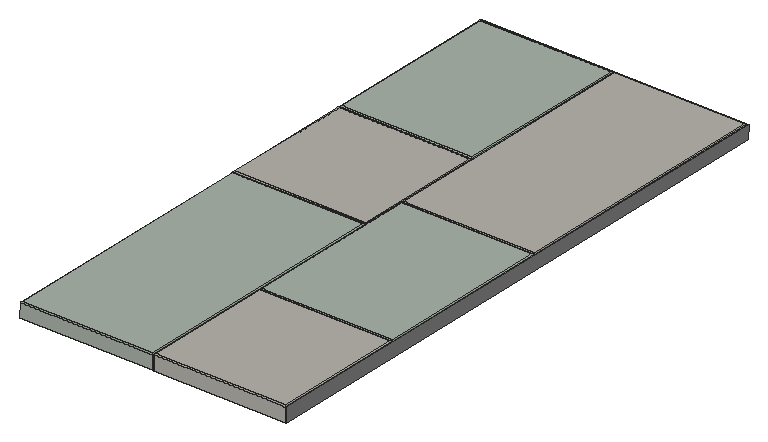
Revit family "e7bb6daf-e0df-49cb-9f0d-7a002a8aef10", category Site, Revit 2016
Family settings
  Part Type = Normal
  Round Connector Dimension = Use Diameter
  Work Plane-Based = No
  Always vertical = Yes
  Cut with Voids When Loaded = No
  Shared = No
Parameters (values of type "1800 Color Option 2")
  URL = "stepstoneinc.com"
  Surface Finish = "Integral"  # constant formula
  Subcategory = "CalArc Pavers"  # constant formula
  Paver B Pattern = Concrete - Stepstone - Almond1806
  Paver A Pattern = Concrete - Stepstone - Iceberg1805
  Revit Object Download Link = "http://library.smartbim.com/download/Paver-Assembly-Calarc_Pavers-Stepstone-Small-Ashlar_Pattern-1"
  Product Page URL = "http://www.stepstoneinc.com/pavers-calarc-sizes.php"
  Model = "Small Ashlar Pattern"  # constant formula
  Manufacturer Toll Free Phone = "800.572.9029"  # constant formula
  Manufacturer Phone = "310.327.7474"  # constant formula
  Manufacturer Fax = "310.217.1424"  # constant formula
  Manufacturer Email = "mailto:sales@stepstoneinc.com"
  Manufacturer Address = "13253 S Figueroa St, Los Angeles 90061"  # constant formula
  Manufacturer = "Stepstone, Inc"  # constant formula
  Description = "Small Ashlar Pattern Guide"  # constant formula
  95 CSI = ""
  04 CSI = ""
Types (5): name | Paver B Pattern | Paver A Pattern
  (no name) | Concrete - Stepstone - Granada1801 | Concrete - Stepstone - Almond1806
  1800 Color Option 1 | Concrete - Stepstone - Granada1801 | Concrete - Stepstone - Almond1806
  1800 Color Option 2 | Concrete - Stepstone - Almond1806 | Concrete - Stepstone - Iceberg1805
  1400 Color Option 1 | Concrete - Stepstone - Almond1406 | Concrete - Stepstone - Cafe1407
  1400 Color Option 2 | Concrete - Stepstone - Almond1406 | Concrete - Stepstone - Brick1416
Reference planes (in)
  plane 1 "Center (Front/Back)": y = 0
  plane 2: z = 0
  plane 3 "Center (Left/Right)": x = 0
  plane 4: y = -38.125
  plane 5: y = 40.0625
  plane 6: x = 18.0625
  plane 7: x = -18.0625
Forms (in)
  Extrusion 1, solid, material "Grout - Dark Gray"
    sketch origin (0, 0, 0) x (1, 0, 0) y (0, 0, 1)
      loop
        line (0.0459, 1.87815) -> (-0.1084, 1.87815) -> (-0.0625, 0) -> (0, 0) -> (0.0459, 1.87815)
      loop
        line (18.1084, 1.87815) -> (17.9541, 1.87815) -> (18, 0) -> (18.0625, 0) -> (18.1084, 1.87815)
    from -40 to 38.125
  Extrusion 2, solid, material "Grout - Dark Gray"
    sketch origin (0, 0, 0) x (0, 1, 0) y (0, 0, 1)
      loop
        line (-2.0166, 1.87815) -> (-2.1709, 1.87815) -> (-2.125, 0) -> (-2.0625, 0) -> (-2.0166, 1.87815)
      loop
        line (16.0459, 1.87815) -> (15.8916, 1.87815) -> (15.9375, 0) -> (16, 0) -> (16.0459, 1.87815)
    from -18.0625 to -0.0625
  Extrusion 3, solid, material "Grout - Dark Gray"
    sketch origin (0, 0, 0) x (0, 1, 0) y (0, 0, 1)
      loop
        line (3.9375, 0) -> (4, 0) -> (4.0459, 1.87815) -> (3.8916, 1.87815) -> (3.9375, 0)
      loop
        line (-20.125, 0) -> (-20.0625, 0) -> (-20.0166, 1.87815) -> (-20.1709, 1.87815) -> (-20.125, 0)
    from 0 to 18
  Extrusion 4, solid, material "Grout - Dark Gray"
    sketch origin (0, 0, 0) x (0, 1, 0) y (0, 0, 1)
      loop
        line (40.0625, 0) -> (40.1084, 1.87815) -> (39.9541, 1.87815) -> (40, 0) -> (40.0625, 0)
    from -18.0625 to 18
  Blend 5, solid, material "Grout - Dark Gray"
    base sketch origin (0, 0, 0) x (1, 0, 0) y (0, 1, 0)
      loop
        line (18, 40) -> (18.0625, 40) -> (18.0625, 40.0625) -> (18, 40.0625) -> (18, 40)
    top sketch origin (0, 0, 0) x (1, 0, 0) y (0, 1, 0)
      loop
        line (18, 40) -> (18.1084, 40) -> (18.1084, 40.1084) -> (18, 40.1084) -> (18, 40)
    from 0 to 1.87815
Cuts and joins
  joined: Extrusion 1, Extrusion 2, Extrusion 3, Extrusion 4, Blend 5
Dimensions and locks (in)
  aligned and locked: plane 2 to level
  aligned and locked: Extrusion 2 to nested 5
  aligned and locked: Extrusion 3 to plane 3 "Center (Left/Right)"
  aligned and locked: Extrusion 4 to nested 5
  aligned and locked: nested 2 to Extrusion 4
  aligned and locked: Blend 5 to level
  aligned and locked: Blend 5 to cut or joined group of Extrusion 1, Extrusion 2, Extrusion 3, Extrusion 4, Blend 5
Nested families (in)
  nested 1: "Paver-Large_Scale-Stepstone-CalArc-18X36X2" at (9, 22, 0) x (0, 1, 0) z (0, 0, 1), Unit <- "Paver B Pattern", type "Standard"
    with Unit Concrete - Stepstone - Almond1806
  nested 2: "Paver-Large_Scale-Stepstone-CalArc-18X24X2" at (9, -8.0625, 0) x (0, 1, 0) z (0, 0, 1), Unit <- "Paver A Pattern", type "Standard"
    with Unit Concrete - Stepstone - Iceberg1805
  nested 3: "Paver-Large_Scale-Stepstone-CalArc-18X18X2" at (9, -29.125, 0), Unit <- "Paver B Pattern", type "Standard"
    with Unit Concrete - Stepstone - Almond1806
  nested 4: "Paver-Large_Scale-Stepstone-CalArc-18X36X2" at (-9.0625, -20.125, 0) x (0, 1, 0) z (0, 0, 1), Unit <- "Paver A Pattern", type "Standard"
    with Unit Concrete - Stepstone - Iceberg1805
  nested 5: "Paver-Large_Scale-Stepstone-CalArc-18X18X2" at (-9.0625, 6.9375, 0), Unit <- "Paver B Pattern", type "Standard"
    with Unit Concrete - Stepstone - Almond1806
  nested 6: "Paver-Large_Scale-Stepstone-CalArc-18X24X2" at (-9.0625, 28, 0) x (0, 1, 0) z (0, 0, 1), Unit <- "Paver A Pattern", type "Standard"
    with Unit Concrete - Stepstone - Iceberg1805
Definition of nested family "Paver-Large_Scale-Stepstone-CalArc-18X36X2"
  Parameters
    ecoScorecard data = ""
    ecoScorecard Product Page = ""
    Weight = 0.10 kip  # constant formula
    Warranty = "5 Year Limited"  # constant formula
    Unit [instance] = none
    URL = "stepstoneinc.com"
    Thickness = 2"  # constant formula
    Texture = "Sandblast"  # constant formula
    Technical Information = "http://www.stepstoneinc.com/docs/Stepstone_Product_Data_Sheet-Large_Scale_Narrow_Modular_Paver.pdf"
    Surface Finish = "Painted"  # constant formula
    Subcategory = "CalArc"  # constant formula
    Revit Object Download Link = "http://library.smartbim.com/download/Paver-Large_Scale-Stepstone-CalArc-18X36X2"
    Product Page URL = "http://www.stepstoneinc.com/calarc-pavers.php"
    Product Name = "Large Scale CalArc Paver"  # constant formula
    Product Line = "Pavers"  # constant formula
    Nominal Width = 36"  # constant formula
    Nominal Length = 18"  # constant formula
    Model = "18In x 36In x 2In"  # constant formula
    Material = "Precast Concrete"  # constant formula
    Manufacturer Toll Free Phone = "800.572.9029"  # constant formula
    Manufacturer Phone = "310.327.7474"  # constant formula
    Manufacturer Fax = "310.217.1424"  # constant formula
    Manufacturer Email = "mailto:sales@stepstoneinc.com"
    Manufacturer Address = "13253 S Figueroa St, Los Angeles 90061"  # constant formula
    Manufacturer = "Stepstone, Inc"  # constant formula
    Maintenance URL = ""
    Installation URL = ""
    Description = "Precast Concrete Paver"  # constant formula
    Cost Info = ""
    Color Availability = "Standard & Custom"  # constant formula
    95 CSI = ""
    04 CSI = ""
  Reference planes (in)
    plane 1 "Center Front/Back": y = 0
    plane 2: z = 0
    plane 3 "Center Left/Right": x = 0
    plane 4: x = -18
    plane 5: x = 18
    plane 6: y = 9
    plane 7: y = -9
    plane 8: z = 2
  Dimensions and locks (in)
    equal spacing: plane 4, plane 3 "Center Left/Right", plane 5
    "Nominal Width": plane 4 to plane 5
    equal spacing: plane 7, plane 1 "Center Front/Back", plane 6
    "Nominal Length": plane 6 to plane 7
    plane 5 to plane 4 = 36"
    plane 6 to plane 7 = 18"
    plane 8 to level = 2"
    aligned and locked: level to plane 2
    aligned and locked: plane 3 "Center Left/Right" to nested 1
    aligned and locked: plane 1 "Center Front/Back" to nested 1
  Nested families (in)
    nested 1: "18X36X2" at (0, 0, 0), type "18X36X2"
  Definition of nested family "18X36X2"
    Parameters
      Width = 36"
      Unit = none
      Thickness = 2"
      Depth = 18"
    Reference planes (in)
      plane 1 "Center (Front/Back)": y = 0
      plane 2: z = 0
      plane 3 "Center (Left/Right)": x = 0
      plane 4: x = -18
      plane 5: x = 18
      plane 6: y = 9
      plane 7: y = -9
      plane 8: z = 2
    Forms (in)
      Sweep 1, solid, material <- "Unit"
        path origin (0, 0, 0) x (1, 0, 0) y (0, 1, 0)
          loop
            line (-18, 9) -> (-18, -9) -> (18, -9) -> (18, 9) -> (-18, 9)
        profile origin (0, 9, 0) x (0, 1, 0) y (0, 0, 1)
          loop
            line (0, 0) -> (-0.0459, 1.87815)
            arc (-0.0459, 1.87815) -> (-0.08353, 1.96449) -> (-0.17076, 2) r 0.1249
            line (-0.17076, 2) -> (-0.27723, 2) -> (-0.27723, 0) -> (0, 0)
      Extrusion 2, solid, material <- "Unit"
        sketch origin (0, 0, 0) x (1, 0, 0) y (0, 1, 0)
          loop
            line (-17.72277, 8.72277) -> (-17.72277, -8.72277) -> (17.72277, -8.72277) -> (17.72277, 8.72277) -> (-17.72277, 8.72277)
        from 0 to 2
    Cuts and joins
      joined: Sweep 1, Extrusion 2
    Dimensions and locks (in)
      equal spacing: plane 6, plane 1 "Center (Front/Back)", plane 7
      equal spacing: plane 4, plane 3 "Center (Left/Right)", plane 5
      "Width": plane 5 to plane 4
      "Depth": plane 6 to plane 7
      "Thickness": plane 8 to level
      aligned and locked: plane 2 to level
      aligned and locked: Sweep 1 sketch curve to plane 8
    Automatic sketch dimensions
      plane 4 to Sweep 1 sketch curve = 0"
      Sweep 1 sketch curve to plane 5 = 0"
      plane 7 to Sweep 1 sketch curve = 0"
      Sweep 1 sketch curve to plane 6 = 0"
      plane 4 to Extrusion 2 sketch curve = 0.27723"
      Extrusion 2 sketch curve to plane 5 = 0.27723"
      plane 7 to Extrusion 2 sketch curve = 0.27723"
      Extrusion 2 sketch curve to plane 6 = 0.27723"
      Sweep 1 sketch curve to level = 0"
      Sweep 1 sketch curve to profile plane = 0"
      profile plane to Sweep 1 sketch curve = 0.0459"
      Sweep 1 sketch curve to Sweep 1 sketch curve = 0.12486"
      Sweep 1 sketch curve to Sweep 1 sketch curve = 0.10647"
      Sweep 1 sketch curve to Sweep 1 sketch curve = 0.00305"
Definition of nested family "Paver-Large_Scale-Stepstone-CalArc-18X24X2"
  Parameters
    ecoScorecard data = ""
    ecoScorecard Product Page = ""
    Weight = 0.066 kip  # constant formula
    Warranty = "5 Year Limited"  # constant formula
    Unit [instance] = none
    URL = "stepstoneinc.com"
    Thickness = 2"  # constant formula
    Texture = "Sandblast"  # constant formula
    Technical Information = "http://www.stepstoneinc.com/docs/Stepstone_Product_Data_Sheet-Large_Scale_Narrow_Modular_Paver.pdf"
    Surface Finish = "Painted"  # constant formula
    Subcategory = "CalArc"  # constant formula
    Revit Object Download Link = "http://library.smartbim.com/download/Paver-Large_Scale-Stepstone-CalArc-18X24X2"
    Product Page URL = "http://www.stepstoneinc.com/calarc-pavers.php"
    Product Name = "Large Scale CalArc Paver"  # constant formula
    Product Line = "Pavers"  # constant formula
    Nominal Width = 24"  # constant formula
    Nominal Length = 18"  # constant formula
    Model = "18In x 24In x 2In"  # constant formula
    Material = "Precast Concrete"  # constant formula
    Manufacturer Toll Free Phone = "800.572.9029"  # constant formula
    Manufacturer Phone = "310.327.7474"  # constant formula
    Manufacturer Fax = "310.217.1424"  # constant formula
    Manufacturer Email = "mailto:sales@stepstoneinc.com"
    Manufacturer Address = "13252 S Figueroa St, Los Angeles 90061"  # constant formula
    Manufacturer = "Stepstone, Inc"  # constant formula
    Maintenance URL = ""
    Installation URL = ""
    Description = "Precast Concrete Paver"  # constant formula
    Cost Info = ""
    Color Availability = "Standard & Custom"  # constant formula
    95 CSI = ""
    04 CSI = ""
  Reference planes (in)
    plane 1 "Center Front/Back": y = 0
    plane 2: z = 0
    plane 3 "Center Left/Right": x = 0
    plane 4: x = -12
    plane 5: x = 12
    plane 6: y = 9
    plane 7: y = -9
    plane 8: z = 2
  Dimensions and locks (in)
    equal spacing: plane 4, plane 3 "Center Left/Right", plane 5
    "Nominal Width": plane 4 to plane 5
    equal spacing: plane 7, plane 1 "Center Front/Back", plane 6
    "Nominal Length": plane 6 to plane 7
    plane 5 to plane 4 = 24"
    plane 6 to plane 7 = 18"
    plane 8 to level = 2"
    aligned and locked: level to plane 2
    aligned and locked: plane 3 "Center Left/Right" to nested 1
    aligned and locked: plane 1 "Center Front/Back" to nested 1
  Nested families (in)
    nested 1: "18X24X2" at (0, 0, 0), type "18X24X2"
  Definition of nested family "18X24X2"
    Parameters
      Width = 24"
      Unit = none
      Thickness = 2"
      Depth = 18"
    Reference planes (in)
      plane 1 "Center (Front/Back)": y = 0
      plane 2: z = 0
      plane 3 "Center (Left/Right)": x = 0
      plane 4: x = -12
      plane 5: x = 12
      plane 6: y = 9
      plane 7: y = -9
      plane 8: z = 2
    Forms (in)
      Sweep 1, solid, material <- "Unit"
        path origin (0, 0, 0) x (1, 0, 0) y (0, 1, 0)
          loop
            line (-12, 9) -> (-12, -9) -> (12, -9) -> (12, 9) -> (-12, 9)
        profile origin (0, 9, 0) x (0, 1, 0) y (0, 0, 1)
          loop
            line (0, 0) -> (-0.0459, 1.87815)
            arc (-0.0459, 1.87815) -> (-0.08353, 1.96449) -> (-0.17076, 2) r 0.1249
            line (-0.17076, 2) -> (-0.27723, 2) -> (-0.27723, 0) -> (0, 0)
      Extrusion 2, solid, material <- "Unit"
        sketch origin (0, 0, 0) x (1, 0, 0) y (0, 1, 0)
          loop
            line (-11.72277, 8.72277) -> (-11.72277, -8.72277) -> (11.72277, -8.72277) -> (11.72277, 8.72277) -> (-11.72277, 8.72277)
        from 0 to 2
    Cuts and joins
      joined: Sweep 1, Extrusion 2
    Dimensions and locks (in)
      equal spacing: plane 6, plane 1 "Center (Front/Back)", plane 7
      equal spacing: plane 4, plane 3 "Center (Left/Right)", plane 5
      "Width": plane 5 to plane 4
      "Depth": plane 6 to plane 7
      "Thickness": plane 8 to level
      aligned and locked: plane 2 to level
      aligned and locked: Sweep 1 sketch curve to plane 8
    Automatic sketch dimensions
      plane 4 to Sweep 1 sketch curve = 0"
      Sweep 1 sketch curve to plane 5 = 0"
      plane 7 to Sweep 1 sketch curve = 0"
      Sweep 1 sketch curve to plane 6 = 0"
      plane 4 to Extrusion 2 sketch curve = 0.27723"
      Extrusion 2 sketch curve to plane 5 = 0.27723"
      plane 7 to Extrusion 2 sketch curve = 0.27723"
      Extrusion 2 sketch curve to plane 6 = 0.27723"
      Sweep 1 sketch curve to level = 0"
      Sweep 1 sketch curve to profile plane = 0"
      profile plane to Sweep 1 sketch curve = 0.0459"
      Sweep 1 sketch curve to Sweep 1 sketch curve = 0.12486"
      Sweep 1 sketch curve to Sweep 1 sketch curve = 0.10647"
      Sweep 1 sketch curve to Sweep 1 sketch curve = 0.00305"
Definition of nested family "Paver-Large_Scale-Stepstone-CalArc-18X18X2"
  Parameters
    ecoScorecard data = ""
    ecoScorecard Product Page = ""
    Weight = 0.05 kip  # constant formula
    Warranty = "5 Year Limited"  # constant formula
    Unit [instance] = none
    URL = "stepstoneinc.com"
    Thickness = 2"  # constant formula
    Texture = "Sandblast"  # constant formula
    Technical Information = "http://www.stepstoneinc.com/docs/Stepstone_Product_Data_Sheet-Large_Scale_Narrow_Modular_Paver.pdf"
    Surface Finish = "Painted"  # constant formula
    Subcategory = "CalArc"  # constant formula
    Revit Object Download Link = "http://library.smartbim.com/download/Paver-Large_Scale-Stepstone-CalArc-18X18X2"
    Product Page URL = "http://www.stepstoneinc.com/calarc-pavers.php"
    Product Name = "Large Scale CalArc Paver"  # constant formula
    Product Line = "Pavers"  # constant formula
    Nominal Width = 18"  # constant formula
    Nominal Length = 18"  # constant formula
    Model = "18In x 18In x 2In"  # constant formula
    Material = "Precast Concrete"  # constant formula
    Manufacturer Toll Free Phone = "800.572.9029"  # constant formula
    Manufacturer Phone = "310.327.7474"  # constant formula
    Manufacturer Fax = "310.217.1424"  # constant formula
    Manufacturer Email = "mailto:sales@stepstoneinc.com"
    Manufacturer Address = "13251 S Figueroa St, Los Angeles 90061"  # constant formula
    Manufacturer = "Stepstone, Inc"  # constant formula
    Maintenance URL = ""
    Installation URL = ""
    Description = "Precast Concrete Paver"  # constant formula
    Cost Info = ""
    Color Availability = "Standard & Custom"  # constant formula
    95 CSI = ""
    04 CSI = ""
  Reference planes (in)
    plane 1 "Center Front/Back": y = 0
    plane 2: z = 0
    plane 3 "Center Left/Right": x = 0
    plane 4: x = -9
    plane 5: x = 9
    plane 6: y = 9
    plane 7: y = -9
    plane 8: z = 2
  Dimensions and locks (in)
    equal spacing: plane 4, plane 3 "Center Left/Right", plane 5
    "Nominal Width": plane 4 to plane 5
    equal spacing: plane 7, plane 1 "Center Front/Back", plane 6
    "Nominal Length": plane 6 to plane 7
    plane 5 to plane 4 = 18"
    plane 6 to plane 7 = 18"
    plane 8 to level = 2"
    aligned and locked: level to plane 2
    aligned and locked: plane 3 "Center Left/Right" to nested 1
    aligned and locked: plane 1 "Center Front/Back" to nested 1
  Nested families (in)
    nested 1: "18X18X2" at (0, 0, 0), type "18X18X2"
  Definition of nested family "18X18X2"
    Parameters
      Width = 18"
      Unit = none
      Thickness = 2"
      Depth = 18"
    Reference planes (in)
      plane 1 "Center (Front/Back)": y = 0
      plane 2: z = 0
      plane 3 "Center (Left/Right)": x = 0
      plane 4: x = -9
      plane 5: x = 9
      plane 6: y = 9
      plane 7: y = -9
      plane 8: z = 2
    Forms (in)
      Sweep 1, solid, material <- "Unit"
        path origin (0, 0, 0) x (1, 0, 0) y (0, 1, 0)
          loop
            line (-9, 9) -> (-9, -9) -> (9, -9) -> (9, 9) -> (-9, 9)
        profile origin (0, 9, 0) x (0, 1, 0) y (0, 0, 1)
          loop
            line (0, 0) -> (-0.0459, 1.87815)
            arc (-0.0459, 1.87815) -> (-0.08353, 1.96449) -> (-0.17076, 2) r 0.1249
            line (-0.17076, 2) -> (-0.27723, 2) -> (-0.27723, 0) -> (0, 0)
      Extrusion 2, solid, material <- "Unit"
        sketch origin (0, 0, 0) x (1, 0, 0) y (0, 1, 0)
          loop
            line (-8.72277, 8.72277) -> (-8.72277, -8.72277) -> (8.72277, -8.72277) -> (8.72277, 8.72277) -> (-8.72277, 8.72277)
        from 0 to 2
    Cuts and joins
      joined: Sweep 1, Extrusion 2
    Dimensions and locks (in)
      equal spacing: plane 6, plane 1 "Center (Front/Back)", plane 7
      equal spacing: plane 4, plane 3 "Center (Left/Right)", plane 5
      "Width": plane 5 to plane 4
      "Depth": plane 6 to plane 7
      "Thickness": plane 8 to level
      aligned and locked: plane 2 to level
      aligned and locked: Sweep 1 sketch curve to plane 8
    Automatic sketch dimensions
      plane 4 to Sweep 1 sketch curve = 0"
      Sweep 1 sketch curve to plane 5 = 0"
      plane 7 to Sweep 1 sketch curve = 0"
      Sweep 1 sketch curve to plane 6 = 0"
      plane 4 to Extrusion 2 sketch curve = 0.27723"
      Extrusion 2 sketch curve to plane 5 = 0.27723"
      plane 7 to Extrusion 2 sketch curve = 0.27723"
      Extrusion 2 sketch curve to plane 6 = 0.27723"
      Sweep 1 sketch curve to level = 0"
      Sweep 1 sketch curve to profile plane = 0"
      profile plane to Sweep 1 sketch curve = 0.0459"
      Sweep 1 sketch curve to Sweep 1 sketch curve = 0.12486"
      Sweep 1 sketch curve to Sweep 1 sketch curve = 0.10647"
      Sweep 1 sketch curve to Sweep 1 sketch curve = 0.00305"
